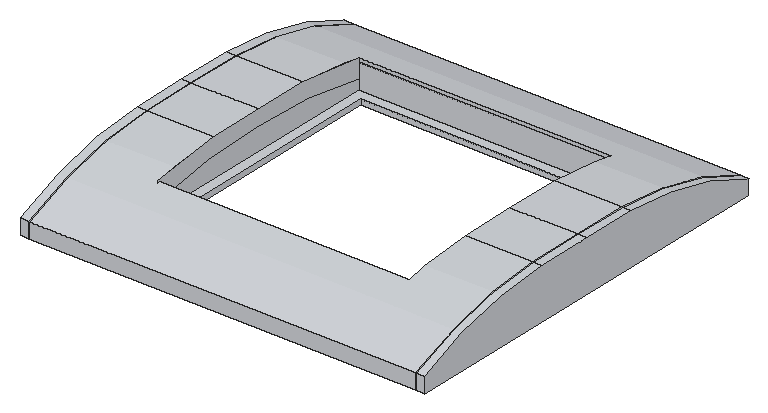
Revit family "Gira_1002771", category Electrical Fixtures, host Face, Revit 2017
Family settings
  Host = Face
  Maintain Annotation Orientation = No
  Round Connector Dimension = Use Diameter
  Part Type = Normal
  Cut with Voids When Loaded = No
  Shared = No
  Room Calculation Point = No
Parameters (values of type "Cov.fr. 2-g w/o cb interm.fr. CW Gira Event Clear sand")
  With mounting grid = "No"
  With hinged lid = "No"
  URL = "http://katalog.gira.de/en/datenblatt.html?artikelnr=1002771"
  Type of fastening = "Clamp mounting"
  Transparent = "No"
  Surface protection = "Other"
  Surface finishing = "Glossy"
  Suitable for wall duct = "No"
  Suitable for flush-mounted installation = "Yes"
  Suitable for floor box = "No"
  Suitable for built-in installation = "No"
  Number of units vertical = "2"
  Number of units horizontal = "2"
  Number of units = "2"
  Name = "Cov.fr. 2-g w/o cb interm.fr. CW Gira Event Clear sand"
  Mounting direction = "Horizontal and vertical"
  Material quality = "Thermoplastic"
  Material = "Plastic"
  Manufacturer URL = "https://www.gira.de/"
  Manufacturer = "Gira"
  Label space/information surface = "No"
  Keynote = ""
  HeinzeBIM = "https://bimportal.heinze.de/bim/cov-fr-2-g-w-o-cb-interm-fr-cw-gira-event-clear-sand/a48851303d7fa52c4128399d9635842c1fe1de3a"
  Halogen free = "Yes"
  HAN = "1002771"
  GTIN = "4010337070658"
  Description = "Cov.fr.2g w o cb i.fr.CW EvCl SD,Gira Event Clear cover frame,sand with cream white glossy intermediate frame,2-gang without crossbar,Features:,- Shatter-proof."
  Degree of protection (IP) = "IP20"
  Default Elevation = 1219.2 mm
  Data sheet (1) = "https://katalog.gira.de/en/download.html?artikelnr=1002771"
  Colour = "Other"
  Category = "Cover frame for domestic switching devices"
  BIM (1) = "https://media.stage.bim.site/public/gira/36a6b08/Event_Rahmen_2fach o.Mittelsteg.rfa?public/gira/36a6b08/Event_Rahmen_2fach o.Mittelsteg.rfa"
  Available = "No"
Reference planes
  plane 1 "Center (Front/Back)": y = 0
  plane 2: z = 0
  plane 3 "Center (Left/Right)": x = 0
Forms (mm)
  Extrusion 1, solid, detail levels fine
    sketch origin (0, 0, 1.55) x (0, 1, 0) y (0, 0, 1)
      loop
        arc (12.445, 9.683) -> (6.223, 9.833) -> (0, 9.85) r 291.636
        arc (0, 9.85) -> (-6.223, 9.833) -> (-12.445, 9.683) r 291.636
        arc (-12.445, 9.683) -> (-29.14, 7.482) -> (-45, 1.823) r 79.728
        line (-45, 1.823) -> (-45, -1.55) -> (-41.777, -1.55) -> (-41.777, -0.55)
        arc (-41.777, -0.55) -> (-21.205, 4.846) -> (0, 6.467) r 118.15
        arc (0, 6.467) -> (21.205, 4.846) -> (41.777, -0.55) r 118.15
        line (41.777, -0.55) -> (41.777, -1.55) -> (45, -1.55) -> (45, 1.823)
        arc (45, 1.823) -> (29.14, 7.482) -> (12.445, 9.683) r 79.728
    from -43 to 43
  Extrusion 2, void, detail levels fine
    sketch origin (0, 0, 0) x (1, 0, 0) y (0, 1, 0)
      loop
        line (-28, -28) -> (28, -28) -> (28, 28) -> (-28, 28) -> (-28, -28)
    from 2.85 to 12
  Extrusion 3, solid, detail levels coarse
    sketch origin (0, 0, 0) x (1, 0, 0) y (0, 1, 0)
      loop
        line (-45, 45) -> (-45, -45) -> (45, -45) -> (45, 45) -> (-45, 45)
    from 0 to 11.4
  Extrusion 4, solid, detail levels medium
    sketch origin (0, 0, 1.55) x (0, 1, 0) y (0, 0, 1)
      loop
        arc (12.445, 9.683) -> (6.223, 9.833) -> (0, 9.85) r 291.636
        arc (0, 9.85) -> (-6.223, 9.833) -> (-12.445, 9.683) r 291.636
        arc (-12.445, 9.683) -> (-29.14, 7.482) -> (-45, 1.823) r 79.728
        line (-45, 1.823) -> (-45, -1.55) -> (45, -1.55) -> (45, 1.823)
        arc (45, 1.823) -> (29.14, 7.482) -> (12.445, 9.683) r 79.728
    from -45 to 45
  Extrusion 5, solid, detail levels fine
    sketch origin (0, 0, 0) x (0, 1, 0) y (0, 0, 1)
      loop
        arc (45, 3.373) -> (29.14, 9.032) -> (12.445, 11.233) r 79.728
        arc (12.445, 11.233) -> (6.223, 11.383) -> (0, 11.4) r 291.636
        arc (0, 11.4) -> (-6.223, 11.383) -> (-12.445, 11.233) r 291.636
        arc (-12.445, 11.233) -> (-29.14, 9.032) -> (-45, 3.373) r 79.728
        line (-45, 3.373) -> (-45, 0) -> (45, 0) -> (45, 3.373)
    from 43 to 45
  Extrusion 6, solid, detail levels fine
    sketch origin (0, 0, 0) x (0, 1, 0) y (0, 0, -1)
      loop
        line (45, -3.373) -> (45, 0) -> (-45, 0) -> (-45, -3.373)
        arc (-45, -3.373) -> (-29.14, -9.032) -> (-12.445, -11.233) r 79.728
        arc (-12.445, -11.233) -> (-6.223, -11.383) -> (0, -11.4) r 291.636
        arc (0, -11.4) -> (6.223, -11.383) -> (12.445, -11.233) r 291.636
        arc (12.445, -11.233) -> (29.14, -9.032) -> (45, -3.373) r 79.728
    from 43 to 45
  Extrusion 7, solid, detail levels fine
    sketch origin (0, 0, 0) x (1, 0, 0) y (0, 1, 0)
      loop
        line (-25.7, 25.7) -> (-25.7, -25.7) -> (25.7, -25.7) -> (25.7, 25.7) -> (-25.7, 25.7)
      loop
        line (-29.495, 27.895) -> (-29.495, -27.895)
        spline (-29.495, -27.895) -> (-29.486, -28.025) -> (-29.461, -28.154) -> (-29.419, -28.278) -> (-29.361, -28.395) -> (-29.288, -28.504) -> (-29.202, -28.602) -> (-29.104, -28.688) -> (-28.995, -28.761) -> (-28.878, -28.819) -> (-28.754, -28.861) -> (-28.625, -28.886) -> (-28.495, -28.895)
        line (-28.495, -28.895) -> (28.495, -28.895)
        spline (28.495, -28.895) -> (28.625, -28.886) -> (28.754, -28.861) -> (28.878, -28.819) -> (28.995, -28.761) -> (29.104, -28.688) -> (29.202, -28.602) -> (29.288, -28.504) -> (29.361, -28.395) -> (29.419, -28.278) -> (29.461, -28.154) -> (29.486, -28.025) -> (29.495, -27.895)
        line (29.495, -27.895) -> (29.495, 27.895)
        spline (29.495, 27.895) -> (29.486, 28.025) -> (29.461, 28.154) -> (29.419, 28.278) -> (29.361, 28.395) -> (29.288, 28.504) -> (29.202, 28.602) -> (29.104, 28.688) -> (28.995, 28.761) -> (28.878, 28.819) -> (28.754, 28.861) -> (28.625, 28.886) -> (28.495, 28.895)
        line (28.495, 28.895) -> (-28.495, 28.895)
        spline (-28.495, 28.895) -> (-28.625, 28.886) -> (-28.754, 28.861) -> (-28.878, 28.819) -> (-28.995, 28.761) -> (-29.104, 28.688) -> (-29.202, 28.602) -> (-29.288, 28.504) -> (-29.361, 28.395) -> (-29.419, 28.278) -> (-29.461, 28.154) -> (-29.486, 28.025) -> (-29.495, 27.895)
    from 1.673 to 8.5
Cuts and joins
  Extrusion 2 cuts Extrusion 1
  Extrusion 2 cuts Extrusion 7
Dimensions and locks
  aligned and locked: plane 2 to host face
  aligned and locked: level to host face
